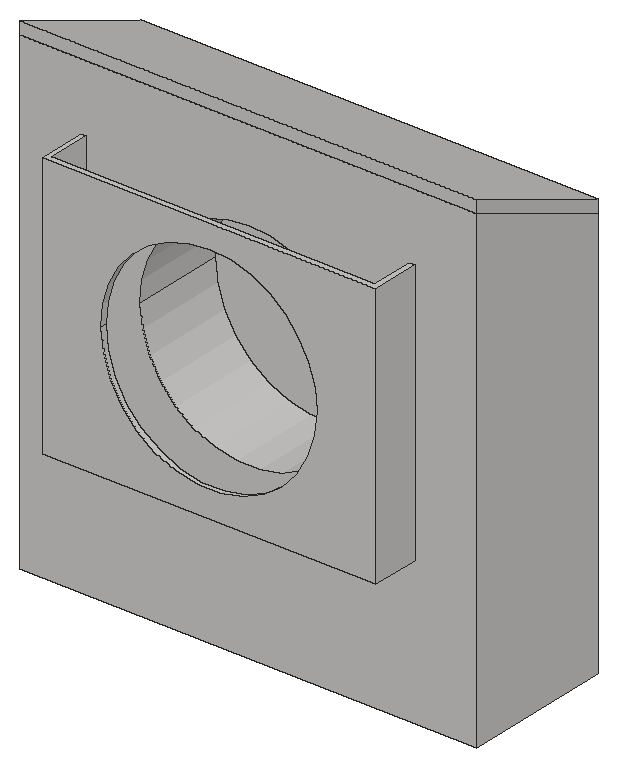
Revit family "AR401742", category Generic Models, Revit 2014
Parameters (values of type "AR401742")
  Width = 422 mm
  URL = "http://www.gaggenau.com."
  Model = "AR401742"
  Manufacturer = "Gaggenau"
  Height = 454 mm
  Unit = Metal Panel
  Description = "Gaggenau 400 series remote blower for use with AL400721/791, VL 414 + knob AA490711, AI/AW 442 ventilation systems"
  Depth = 140 mm
Reference planes
  plane 1 "Center (Front/Back)": y = 0
  plane 2: z = 0
  plane 3 "Center (Left/Right)": x = 0
  plane 4: x = -211
  plane 5: x = 211
  plane 6: y = 70
  plane 7: y = -70
  plane 8: z = 454
  plane 9: z = 393
  plane 10: x = -154
  plane 11: x = 154
  plane 12: y = -115
  plane 13: z = 259
Forms (mm)
  Extrusion 1, solid, material "Metal Panel" <- "Unit"
    sketch origin (0, 0, 0) x (0, 1, 0) y (0, 0, 1)
      loop
        line (-70, 0) -> (70, 0) -> (70, 381.315) -> (-70, 442.315) -> (-70, 0)
    from -211 to 211
  Extrusion 2, solid, material "Metal Panel" <- "Unit"
    sketch origin (0, 0, 0) x (0, 1, 0) y (0, 0, 1)
      loop
        line (-70, 442.315) -> (70, 381.315) -> (70, 393) -> (-70, 454) -> (-70, 442.315)
    from -211 to 211
  Extrusion 3, solid, material "Metal Panel" <- "Unit"
    sketch origin (0, 0, 10) x (1, 0, 0) y (0, 1, 0)
      loop
        line (-154, -70) -> (-154, -115) -> (154, -115) -> (154, -70) -> (149, -70) -> (149, -110) -> (-149.75, -110) -> (-149.75, -70) -> (-154, -70)
    from 125.153 to 369.991
  Extrusion 4, void
    sketch origin (0, 0, 42.402) x (1, 0, 0) y (0, 0, 1)
      loop
        circle (0, 216.598) r 100
    from -16.746 to 131.673
Cuts and joins
  Extrusion 4 cuts Extrusion 1
  Extrusion 4 cuts Extrusion 3
Dimensions and locks
  equal spacing: plane 4, plane 3 "Center (Left/Right)", plane 5
  equal spacing: plane 6, plane 1 "Center (Front/Back)", plane 7
  "Width": plane 4 to plane 5
  "Depth": plane 6 to plane 7
  "Height": plane 8 to plane 2
  plane 9 to plane 2 = 393 mm
  plane 11 to plane 10 = 308 mm
  plane 13 to level = 259 mm
  aligned and locked: level to plane 2
Automatic sketch dimensions
  Extrusion 1 sketch curve to plane 7 = 0 mm
  Extrusion 1 sketch curve to plane 6 = 0 mm
  Extrusion 1 sketch curve to level = 0 mm
  Extrusion 1 sketch curve to plane 9 = 11.685 mm
  Extrusion 1 sketch curve to plane 8 = 11.685 mm
  Extrusion 2 sketch curve to plane 7 = 0 mm
  Extrusion 2 sketch curve to plane 6 = 0 mm
  Extrusion 2 sketch curve to plane 9 = 0 mm
  Extrusion 2 sketch curve to plane 8 = 0 mm
  Extrusion 2 sketch curve to plane 9 = 11.685 mm
  Extrusion 2 sketch curve to plane 8 = 11.685 mm
  Extrusion 3 sketch curve to plane 10 = 0 mm
  plane 7 to Extrusion 3 sketch curve = 0 mm  (x2)
  Extrusion 3 sketch curve to plane 11 = 0 mm
  Extrusion 3 sketch curve to plane 12 = 0 mm
  plane 10 to Extrusion 3 sketch curve = 4.25 mm
  Extrusion 3 sketch curve to plane 11 = 5 mm
  plane 12 to Extrusion 3 sketch curve = 5 mm
  Extrusion 4 sketch curve to plane 3 "Center (Left/Right)" = 0 mm
  Extrusion 4 sketch curve to plane 9 = 134 mm
  radius of Extrusion 4 sketch curve = 100 mm
